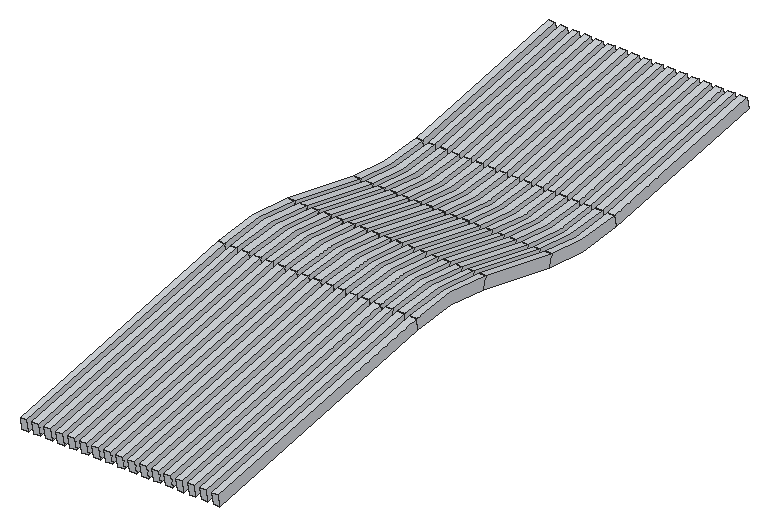
Revit family
Parameters
  nr = l / (d + 40 mm)  # 17
  l = 1200 mm
  d = 30 mm
Reference planes
  plane 1 "Centro (Fronte/Retro)": y = 0
  plane 2: z = 0
  plane 3 "Centro (Sinistra/Destra)": x = 0
  plane 4: x = -1200
Dimensions and locks
  equal spacing: group 2, group 17, group 16, group 15, group 14, group 13, group 12, group 11, group 10, group 9, group 8, group 7, group 6, group 5, group 4, group 3, group 1
  equal spacing: group 1, group 3, group 4, group 5, group 6, group 7, group 8, group 9, group 10, group 11, group 12, group 13, group 14, group 15, group 16, group 17, group 2  (x2)
  "l": plane 4 to plane 3 "Centro (Sinistra/Destra)"
  aligned and locked: plane 3 "Centro (Sinistra/Destra)" to nested 1
  aligned and locked: nested 2 to plane 4
Nested families
  nested 1: "sedia" at (-40, 1200, 0), type "sedia"
    with r 1274.755 mm, lsd 500 mm, lsc 1000 mm, lg 1500 mm, er 24.755 mm, cc 1274.7549, c 0.2
  nested 2: "sedia" at (-1200, 1200, 0), type "sedia"
    with r 1274.755 mm, lsd 500 mm, lsc 1000 mm, lg 1500 mm, er 24.755 mm, cc 1274.7549, c 0.2
  nested 3: "sedia" at (-112.5, 1200, 0), type "sedia"
    with r 1274.755 mm, lsd 500 mm, lsc 1000 mm, lg 1500 mm, er 24.755 mm, cc 1274.7549, c 0.2
  nested 4: "sedia" at (-185, 1200, 0), type "sedia"
    with r 1274.755 mm, lsd 500 mm, lsc 1000 mm, lg 1500 mm, er 24.755 mm, cc 1274.7549, c 0.2
  nested 5: "sedia" at (-257.5, 1200, 0), type "sedia"
    with r 1274.755 mm, lsd 500 mm, lsc 1000 mm, lg 1500 mm, er 24.755 mm, cc 1274.7549, c 0.2
  nested 6: "sedia" at (-330, 1200, 0), type "sedia"
    with r 1274.755 mm, lsd 500 mm, lsc 1000 mm, lg 1500 mm, er 24.755 mm, cc 1274.7549, c 0.2
  nested 7: "sedia" at (-402.5, 1200, 0), type "sedia"
    with r 1274.755 mm, lsd 500 mm, lsc 1000 mm, lg 1500 mm, er 24.755 mm, cc 1274.7549, c 0.2
  nested 8: "sedia" at (-475, 1200, 0), type "sedia"
    with r 1274.755 mm, lsd 500 mm, lsc 1000 mm, lg 1500 mm, er 24.755 mm, cc 1274.7549, c 0.2
  nested 9: "sedia" at (-547.5, 1200, 0), type "sedia"
    with r 1274.755 mm, lsd 500 mm, lsc 1000 mm, lg 1500 mm, er 24.755 mm, cc 1274.7549, c 0.2
  nested 10: "sedia" at (-620, 1200, 0), type "sedia"
    with r 1274.755 mm, lsd 500 mm, lsc 1000 mm, lg 1500 mm, er 24.755 mm, cc 1274.7549, c 0.2
  nested 11: "sedia" at (-692.5, 1200, 0), type "sedia"
    with r 1274.755 mm, lsd 500 mm, lsc 1000 mm, lg 1500 mm, er 24.755 mm, cc 1274.7549, c 0.2
  nested 12: "sedia" at (-765, 1200, 0), type "sedia"
    with r 1274.755 mm, lsd 500 mm, lsc 1000 mm, lg 1500 mm, er 24.755 mm, cc 1274.7549, c 0.2
  nested 13: "sedia" at (-837.5, 1200, 0), type "sedia"
    with r 1274.755 mm, lsd 500 mm, lsc 1000 mm, lg 1500 mm, er 24.755 mm, cc 1274.7549, c 0.2
  nested 14: "sedia" at (-910, 1200, 0), type "sedia"
    with r 1274.755 mm, lsd 500 mm, lsc 1000 mm, lg 1500 mm, er 24.755 mm, cc 1274.7549, c 0.2
  nested 15: "sedia" at (-982.5, 1200, 0), type "sedia"
    with r 1274.755 mm, lsd 500 mm, lsc 1000 mm, lg 1500 mm, er 24.755 mm, cc 1274.7549, c 0.2
  nested 16: "sedia" at (-1055, 1200, 0), type "sedia"
    with r 1274.755 mm, lsd 500 mm, lsc 1000 mm, lg 1500 mm, er 24.755 mm, cc 1274.7549, c 0.2
  nested 17: "sedia" at (-1127.5, 1200, 0), type "sedia"
    with r 1274.755 mm, lsd 500 mm, lsc 1000 mm, lg 1500 mm, er 24.755 mm, cc 1274.7549, c 0.2
Definition of nested family "sedia"
  Parameters
    sp = 40 mm
    r = cc * 1 mm  # 279.508 mm
    lsd = asd / c  # 50 mm
    lsc = asc / c  # 100 mm
    lg = ag / c  # 150 mm
    l2 = l1  # 500 mm
    l1 = 500 mm
    er = r - (((l1 / 2) * lsc) / asc)  # 154.508 mm
    cc = sqrt(((l1 / 2 mm) ^ 2) + ((((l1 / 2 mm) * lsc) / asc) ^ 2))  # 279.5085
    c = 2
    asd = 100 mm
    asc = 200 mm
    ap = 70 mm
    ag = 300 mm
    90 = 90.00°
    0 = 0 mm
  Reference planes
    plane 1 "Center (Front/Back)": y = 0
    plane 2: z = 0
    plane 3 "Center (Left/Right)": x = 0
    plane 4: y = 350
    plane 5: y = 250
    plane 6: z = 200
    plane 7: z = 400
    plane 8: y = -250
    plane 9: y = -300
    plane 10: z = 300
    plane 11: z = 45.492
    plane 12: z = 115.492
    plane 13: y = -550
    plane 14: y = -800
    plane 15: y = -300
    plane 16: y = -300
    plane 17: z = 454.508
    plane 18: z = 524.508
    plane 19: y = -950
    plane 20: y = -800
  Forms (mm)
    Extrusion 1, solid
      sketch origin (0, 0, 0) x (0, 1, 0) y (0, 0, 1)
        loop
          line (287.39, 431.305) -> (187.39, 231.305) -> (250, 200) -> (350, 400) -> (287.39, 431.305)
      from 0 to 40 <- "sp"
    Extrusion 2, solid
      sketch origin (0, 0, 0) x (0, 1, 0) y (0, 0, 1)
        loop
          line (-300, 300) -> (-250, 200) -> (-187.39, 231.305) -> (-237.39, 331.305) -> (-300, 300)
      from 0 to 40 <- "sp"
    Extrusion 3, solid
      sketch origin (0, 0, 0) x (0, 1, 0) y (0, 0, 1)
        loop
          line (250, 200) -> (187.39, 231.305)
          arc (187.39, 231.305) -> (0, 115.492) -> (-187.39, 231.305) r 209.508
          line (-187.39, 231.305) -> (-250, 200)
          arc (-250, 200) -> (0, 45.492) -> (250, 200) r 279.508
      from 0 to 40 <- "sp"
    Extrusion 4, solid
      sketch origin (0, 0, 0) x (0, 1, 0) y (0, 0, 1)
        loop
          line (-800, 300) -> (-862.61, 331.305) -> (-1012.61, 31.305) -> (-950, 0) -> (-800, 300)
      from 0 to 40 <- "sp"
    Sweep 5, solid
      path in 3D
        loop
          arc (0, -300, 300) -> (0, -550, 454.508) -> (0, -800, 300) r 279.508
      profile origin (0, -550, 454.508) x (0, 0, -1) y (1, 0, 0)
        loop
          line (-70, 0) -> (0, 0) -> (0, 40) -> (-70, 40) -> (-70, 0)
  Lines and regions (mm)
    reference lines
      curve 1: line (0, 350, 400) -> (0, 250, 200)
      curve 2: line (0, -250, 200) -> (0, -300, 300)
      curve 3: arc (0, 250, 200) -> (0, 0, 45.492) -> (0, -250, 200) r 279.508
      curve 4: line (0, 0, 115.492) -> (0, 0, 45.492)
      curve 5: line (0, -800, 300) -> (0, -950, 0)
      curve 6: line (0, -550, 524.508) -> (0, -550, 454.508)
      curve 7: arc (0, -300, 300) -> (0, -550, 454.508) -> (0, -800, 300) r 279.508
    sketch lines
      curve 8: arc (0, -300, 300) -> (0, -550, 454.508) -> (0, -800, 300) r 279.508
  Dimensions and locks
    "0": plane 4 to curve 1
    "0": plane 6 to curve 1
    "0": plane 7 to curve 1
    "0": plane 5 to curve 1
    "0": curve 2 to plane 9
    "0": curve 2 to plane 8
    "0": plane 10 to curve 2
    "0": plane 6 to curve 2
    "asc": plane 7 to plane 6
    "lsc": plane 4 to plane 5
    "lsd": plane 8 to plane 9
    "asd": plane 10 to plane 6
    equal spacing: plane 5, plane 1 "Center (Front/Back)", plane 8
    "l1": plane 5 to plane 8
    "er": plane 6 to plane 11
    "ap": Extrusion 1 sketch curve to Extrusion 1 sketch curve
    "ap": Extrusion 2 sketch curve to Extrusion 2 sketch curve
    "ap": plane 12 to plane 11
    equal spacing: plane 16, plane 13, plane 14
    "l2": plane 16 to plane 14
    "er": plane 17 to plane 10
    "ag": plane 10 to level
    "ap": plane 18 to plane 17
    "lg": plane 20 to plane 19
    "0": curve 5 to level
    "0": plane 19 to curve 5
    "0": plane 20 to curve 5
    "0": curve 5 to plane 10
    "ap": Extrusion 4 sketch curve to Extrusion 4 sketch curve
    "sp": Sweep 5 sketch curve to Sweep 5 sketch curve
    "ap": Sweep 5 sketch curve to Sweep 5 sketch curve
    "0": profile plane to Sweep 5 sketch curve  (x2)
    aligned and locked: Extrusion 1 sketch curve to curve 1  (x2)
    aligned and locked: Extrusion 1 sketch curve to curve 3
    aligned and locked: curve 2 to Extrusion 2 sketch curve
    aligned and locked: Extrusion 2 sketch curve to curve 3
    aligned and locked: Extrusion 2 sketch curve to curve 2
    aligned and locked: plane 12 to curve 4
    aligned and locked: Extrusion 3 sketch curve to curve 3
    aligned and locked: Extrusion 3 sketch curve to Extrusion 1  (x2)
    aligned and locked: Extrusion 3 sketch curve to Extrusion 2
    aligned and locked: Extrusion 2 to Extrusion 3 sketch curve
    aligned and locked: plane 15 to plane 9
    aligned and locked: plane 15 to plane 16
    aligned and locked: plane 14 to plane 20
    aligned and locked: plane 17 to curve 6
    aligned and locked: plane 18 to curve 6
    aligned and locked: curve 6 to plane 13
    aligned and locked: Extrusion 4 sketch curve to curve 5  (x2)
    aligned and locked: Extrusion 4 sketch curve to curve 7
  Automatic sketch dimensions
    Extrusion 3 sketch curve to Extrusion 3 sketch curve = 0 mm
    curve 4 to plane 1 "Center (Front/Back)" = 0 mm
    curve 4 to plane 11 = 0 mm
